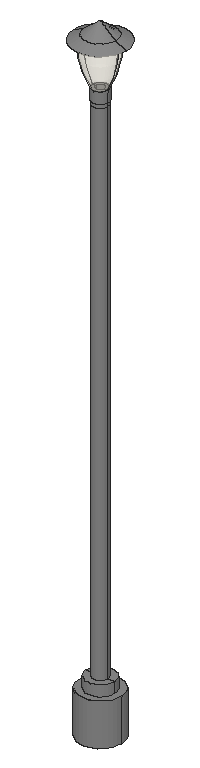
Revit family
Parameters (values of type "400 watt Halogen")
  Wattage = 48.4712 W
  built-in parameter 1150110 = 1 (stored number, unit not read)
  built-in parameter 1114217 = 1 (stored number, unit not read)
  built-in parameter 1150109 = 1 (stored number, unit not read)
  built-in parameter 1150134 = 3
  built-in parameter 1150113 = 1 (stored number, unit not read)
  built-in parameter 1150105 = 572.96 (stored number, unit not read)
  built-in parameter 1150115 = 1 (stored number, unit not read)
  Light Source Symbol Size = 609.60 mm
  built-in parameter 1150137 = (empty or 0)
  built-in parameter 1150139 = (empty or 0)
  built-in parameter 1150112 = 1 (stored number, unit not read)
  built-in parameter 1150114 = 1 (stored number, unit not read)
  built-in parameter 1150132 = 2
  built-in parameter 1150102 = (empty or 0)
  built-in parameter 1150107 = 3200 (stored number, unit not read)
  built-in parameter 1150138 = (empty or 0)
  built-in parameter 1150106 = 5.7296 (stored number, unit not read)
  Height = 4600.00 mm
  Lamp = "T-4"
  Lumens = 7200 lm
  Shade Material = Glass - Frosted
  Stand Material = Metal - Paint Finish - Dark Gray,Matte
  Wattage Comments = "400"
  built-in parameter 1150104 = 13.8 (stored number, unit not read)
  Dimming Lamp Color Temperature Shift = (empty or 0)
  Color Filter = 16777215
  built-in parameter 1114218 = 1 (stored number, unit not read)
  built-in parameter 1150133 = 10 (stored number, unit not read)
Types (4, lengths in mm): name | Wattage | built-in parameter 1150105 | built-in parameter 1150106 | Lamp | Lumens | Wattage Comments
  (no name) | 48.4712 W | 572.96 (stored number, unit not read) | 5.7296 (stored number, unit not read) | "T-4" | 7200 lm | "400"
  400 watt Halogen | 48.4712 W | 572.96 (stored number, unit not read) | 5.7296 (stored number, unit not read) | "T-4" | 7200 lm | "400"
  250 watt Sodium | 151.472 W | 1790.5 (stored number, unit not read) | 17.905 (stored number, unit not read) | "E-18" | 22500 lm | "250"
  250 watt Halogen | 30.2945 W | 358.1 (stored number, unit not read) | 3.581 (stored number, unit not read) | "T-4" | 4500 lm | "250"
Reference planes
  plane 1 "Light Source Axis": y = 0
  plane 2: z = 0
  plane 3 "Light Source Axis": x = 0
  plane 4: z = 4600
  plane 5: z = 4473
  plane 6: z = 4511.1
  plane 7: z = 4168.2
  plane 8: z = 4092
  plane 9: z = 4066.6
  plane 10: x = -114.3
  plane 11: x = -190.5
  plane 12: x = -165.1
  plane 13: x = -76.2
  plane 14: x = 101.6
  plane 15: x = 76.2
  plane 16 "Light Source Elevation": z = 4292.6
  plane 17: z = 304.8
Forms (mm)
  Extrusion 1, solid, material "Metal - Paint Finish - Dark Gray,Matte" <- "Stand Material"
    sketch origin (0, 0, 0) x (1, 0, 0) y (0, 1, 0)
      loop
        circle (0, 0) r 152.4
    from 0 to 304.8
  Revolve 2, solid, material "Metal - Paint Finish - Dark Gray,Matte" <- "Stand Material"
    sketch origin (0, 0, 0) x (1, 0, 0) y (0, 0, 1)
      loop
        line (0, 4600) -> (-114.3, 4511.1) -> (-190.5, 4473) -> (-114.3, 4473) -> (-114.3, 4481.731) -> (-144.639, 4481.731) -> (-107.454, 4500.324) -> (0, 4585.172) -> (0, 4600)
      loop
        line (-57.398, 4168.2) -> (-57.398, 4092) -> (-53.975, 4092) -> (-53.975, 4066.6) -> (-12.7, 4066.6) -> (-12.7, 4092) -> (-31.998, 4092) -> (-31.998, 4168.2) -> (-57.398, 4168.2)
      axis (0, 4600) -> (0, 4066.6)
    angle from 0 to 360
  Sweep 3, solid, material "Metal - Paint Finish - Dark Gray,Matte" <- "Stand Material"
    path origin (0, 0, 304.8) x (1, 0, 0) y (0, 1, 0)
      loop
        circle (0, 0) r 12.7
    profile origin (0, 0, 304.8) x (0, -1, 0) y (0, 0, 1)
      loop
        line (-25.4, 0) -> (-25.4, 3761.8) -> (-50.8, 3761.8) -> (-50.8, 76.2) -> (-101.6, 76.2) -> (-101.6, 0) -> (-25.4, 0)
  Revolve 4, solid, material "Glass - Frosted" <- "Shade Material"
    sketch origin (0, 0, 0) x (1, 0, 0) y (0, 0, 1)
      loop
        line (-57.398, 4168.2) -> (-51.043, 4168.2)
        arc (-51.043, 4168.2) -> (-108.966, 4315.957) -> (-131.878, 4473) r 695.382
        line (-131.878, 4473) -> (-139.069, 4473)
        arc (-139.069, 4473) -> (-115.751, 4315.906) -> (-57.398, 4168.2) r 695.382
      axis (0, 4473) -> (0, 4168.2)
    angle from 0 to 360
Lines and regions (mm)
  symbolic lines, style "Exterior"
    curve 1: arc (152.4, 0, 0) -> (0, 152.4, 0) -> (-152.4, 0, 0) r 152.4
    curve 2: arc (-152.4, 0, 0) -> (0, -152.4, 0) -> (152.4, 0, 0) r 152.4
    curve 3: arc (12.7, 0, 0) -> (0, 12.7, 0) -> (-12.7, 0, 0) r 12.7
    curve 4: arc (-12.7, 0, 0) -> (0, -12.7, 0) -> (12.7, 0, 0) r 12.7
Dimensions and locks
  "Height": plane 4 to plane 2
  locked: plane 8 to plane 9 at 25.4
  locked: plane 7 to plane 8 at 76.2
  locked: plane 5 to plane 7 at 304.8
  locked: plane 6 to plane 5 at 38.1
  locked: plane 4 to plane 6 at 88.9
  aligned and locked: plane 10 to Revolve 2 sketch curve
  aligned and locked: plane 11 to Revolve 2 sketch curve
  aligned and locked: plane 5 to Revolve 2 sketch curve
  aligned and locked: Sweep 3 sketch curve to plane 9
  aligned and locked: Sweep 3 sketch curve to plane 17
  aligned and locked: imposter light to plane 3 "Light Source Axis"
  aligned and locked: plane 1 "Light Source Axis" to imposter light
  aligned and locked: plane 16 "Light Source Elevation" to imposter light
Automatic sketch dimensions
  Extrusion 1 sketch curve to plane 1 "Light Source Axis" = 0.00 mm
  Extrusion 1 sketch curve to plane 3 "Light Source Axis" = 0.00 mm
  Extrusion 1 sketch curve to plane 3 "Light Source Axis" = 152.40 mm
  Sweep 3 sketch curve to plane 1 "Light Source Axis" = 0.00 mm
  Sweep 3 sketch curve to plane 3 "Light Source Axis" = 0.00 mm
  Sweep 3 sketch curve to plane 3 "Light Source Axis" = 12.70 mm
  Revolve 2 sketch curve to plane 10 = 0.00 mm
  Revolve 2 sketch curve to plane 7 = 0.00 mm
  Revolve 2 sketch curve to plane 8 = 0.00 mm  (x2)
  Revolve 2 sketch curve to plane 9 = 0.00 mm
  Revolve 2 sketch curve to plane 3 "Light Source Axis" = 0.00 mm
  Revolve 2 sketch curve to plane 5 = 8.731 mm
  Revolve 2 sketch curve to plane 12 = 20.461 mm
  Revolve 2 sketch curve to plane 10 = 6.846 mm
  Revolve 2 sketch curve to plane 3 "Light Source Axis" = 57.398 mm
  Revolve 2 sketch curve to Revolve 2 sketch curve = 3.423 mm
  Revolve 2 sketch curve to Revolve 2 sketch curve = 25.40 mm
  Revolve 2 sketch curve to plane 3 "Light Source Axis" = 12.70 mm
  Revolve 2 sketch curve to plane 6 = 0.00 mm
  Revolve 2 sketch curve to plane 4 = 0.00 mm  (x2)
  plane 9 to Revolve 2 sketch curve = 76.20 mm
  plane 6 to Revolve 2 sketch curve = 10.776 mm
  Revolve 2 sketch curve to Revolve 2 sketch curve = 14.828 mm
  Revolve 2 sketch curve to Revolve 2 sketch curve = 254.00 mm
  Revolve 4 sketch curve to plane 5 = 0.00 mm
  Revolve 4 sketch curve to plane 7 = 0.00 mm
  Revolve 4 sketch curve to plane 3 "Light Source Axis" = 0.00 mm
  Revolve 4 sketch curve to plane 3 "Light Source Axis" = 51.043 mm
  Revolve 4 sketch curve to Revolve 4 sketch curve = 6.355 mm
  Revolve 4 sketch curve to plane 3 "Light Source Axis" = 131.878 mm
  Revolve 4 sketch curve to Revolve 4 sketch curve = 7.191 mm
  Revolve 4 sketch curve to plane 5 = 22.884 mm
  Revolve 4 sketch curve to Revolve 4 sketch curve = 7.244 mm
  Revolve 4 sketch curve to plane 8 = 25.40 mm
  Revolve 4 sketch curve to plane 4 = 177.80 mm
  curve 1 to plane 1 "Light Source Axis" = 0.00 mm
  curve 4 to plane 1 "Light Source Axis" = 0.00 mm
  curve 2 to plane 3 "Light Source Axis" = 0.00 mm
  curve 3 to plane 3 "Light Source Axis" = 0.00 mm
  curve 3 to plane 3 "Light Source Axis" = 12.70 mm
  curve 2 to plane 12 = 12.70 mm
  profile plane to Sweep 3 sketch curve = 88.90 mm
  profile plane to Sweep 3 sketch curve = 38.10 mm
  profile plane to Sweep 3 sketch curve = 12.70 mm
  Sweep 3 sketch curve to Sweep 3 sketch curve = 76.20 mm
